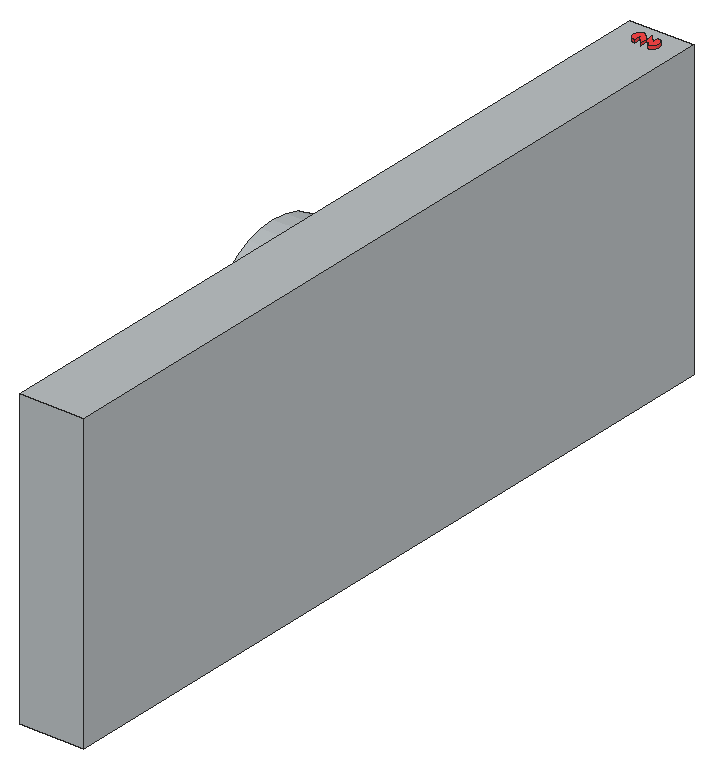
Revit family "NLRS_57_AIR_UN_plenum_linear-ceiling-grill-soooxx-standard_supply_LT_sacs", category Air Terminals, Revit 2021
Family settings
  Round Connector Dimension = Use Diameter
  Part Type = Normal
  Work Plane-Based = No
  Always vertical = Yes
  Cut with Voids When Loaded = No
  Shared = No
  Room Calculation Point = Yes
Parameters (values of type "600")
  URL = "https://solid-air.nl/producten/solid-air-lijnrooster-stad-stbd-srod/"
  Type Comments = "Standard plenums for Line grill ST"  # constant formula
  Swap_Arrows [instance] = no
  Slots (1-4) [instance] = 1
  SACS_West_Arrow [instance] = and(or([Pattern (0-2)] > 1, and([Pattern (0-2)] < 1, not(Swap_Arrows)), and([Pattern (0-2)] = 1, Swap_Arrows)), SACS_Show_Arrows)  # yes
  SACS_Type_Mark [instance] = ""
  SACS_Show_Symbol [instance] = yes
  SACS_Show_Arrows [instance] = yes
  SACS_Plenum_Offset [instance] = if(SACS_Index3 = 2 mm, 10 mm, 17.6 mm)  # 17.6 mm
  SACS_Plenum_L [instance] = NLRS_C_lengte - 12 mm  # 588 mm
  SACS_Plenum_H [instance] = 95 mm + NLRS_M_c01_diameter + 25 mm  # 245 mm
  SACS_Plenum_B [instance] = if(SACS_Index3 = 2 mm, 63 mm, 48.8 mm) + (SACS_Index1 - 1 mm) * 43.3  # 48.8 mm
  SACS_Option_4 [instance] = if([Slots (1-4)] < 2, "Single slot", if([Slots (1-4)] = 2, "2 slots", if([Slots (1-4)] = 3, "3 slots", "4 slots")))  # "Single slot"
  SACS_Option_3_Value [instance] = if([Brackets (0-2)] = 1, 2, if([Brackets (0-2)] > 1, 3, 5))  # 5
  SACS_Option_3 [instance] = if([Brackets (0-2)] = 1, "B = Plenum bracket B", if([Brackets (0-2)] > 1, "C = Plenum bracket C", "O = None"))  # "O = None"
  SACS_Option_2 [instance] = if([Plenum_Type (1-2)] < 2, "R = Lined", "U = Plain")  # "R = Lined"
  SACS_Option_1 [instance] = "SOOO"  # constant formula
  SACS_Offset1 [instance] = 99.5 mm + (SACS_Diameter / 2)  # 161 mm
  SACS_Model [instance] = size_lookup(SACS_Data_Hidden, "Model", "NB", NLRS_C_lengte, SACS_Index1, SACS_Index2, SACS_Index3)  # "SOOORO 600-1"
  SACS_Index3 [instance] = if([Brackets (0-2)] < 1, 4, if([Brackets (0-2)] = 1, 1, 2)) * 1 mm  # 4 mm
  SACS_Index2 [instance] = if([Plenum_Type (1-2)] < 2, 1 mm, 2 mm)  # 1 mm
  SACS_Index1 [instance] = if([Slots (1-4)] < 2, 1 mm, if([Slots (1-4)] = 2, 2 mm, if([Slots (1-4)] = 3, 3 mm, 4 mm)))  # 1 mm
  SACS_Flow_Pattern [instance] = "Left + Right"
  SACS_Face_Color [instance] = NLRS_57_anodised aluminium_RAL9010_gen_sacs
  SACS_East_Arrow [instance] = and(or([Pattern (0-2)] > 1, and([Pattern (0-2)] = 1, not(Swap_Arrows)), and([Pattern (0-2)] < 1, Swap_Arrows)), SACS_Show_Arrows)  # yes
  SACS_Dummy = 1  # constant formula
  SACS_Diameter [instance] = NLRS_M_c01_diameter - 2 mm  # 123 mm
  SACS_Data_Hidden = "SOOOxx"  # constant formula
  SACS_Color [instance] = "RAL9010"
  SACS_Base_Index = 1
  SACS_Article_Code [instance] = size_lookup(SACS_Data_Hidden, "ArticleCode", "NB", NLRS_C_lengte, SACS_Index1, SACS_Index2, SACS_Index3)  # "8101000175"
  SACS_Array_End [instance] = SACS_Array_Base * SACS_Array_Count * 2  # 400 mm
  SACS_Array_Count [instance] = if(NLRS_C_lengte > 1200 mm, 3, 2)  # 2
  SACS_Array_Base [instance] = NLRS_C_lengte / (SACS_Array_Count + 1) / 2  # 100 mm
  SA-Select [instance] = "https://selectietool.solid-air.nl/Dashboard/CPMDashPage/Show/7"
  Plenum_Type (1-2) [instance] = 1
  Plenum_Material = NLRS_57_sendzimir verzinkt_gen_sacs
  Pattern (0-2) [instance] = 2
  NLRS_M_c01_drukverlies_statisch [instance] = 0.0 Pa
  NLRS_M_c01_diameter [instance] = size_lookup(SACS_Data_Hidden, "Diam", 125 mm, NLRS_C_lengte, SACS_Index1, SACS_Index2, SACS_Index3)  # 125 mm
  NLRS_M_c01_debiet [instance] = 0.0 L/s
  NLRS_C_model [instance] = SACS_Model  # "SOOORO 600-1"
  NLRS_C_materiaal_kleur [instance] = SACS_Color  # "RAL9010"
  NLRS_C_lengte [instance] = if(SACS_Base_Index = 1, 600 mm, if(SACS_Base_Index = 2, 750 mm, if(SACS_Base_Index = 3, 900 mm, if(SACS_Base_Index = 4, 1200 mm, if(SACS_Base_Index = 5, 1500 mm, 1800 mm)))))  # 600 mm
  NLRS_C_hoogte [instance] = SACS_Plenum_H * SACS_Dummy  # 245 mm
  NLRS_C_gtin_code [instance] = size_lookup(SACS_Data_Hidden, "GTIN", "NB", NLRS_C_lengte, SACS_Index1, SACS_Index2, SACS_Index3)  # "NB"
  NLRS_C_description = Description  # "Solid Air plenum for line Diffuser"
  NLRS_C_content_versie = "2.22.00"  # constant formula
  NLRS_C_content_provider = "Solid Air Climate Solutions"  # constant formula
  NLRS_C_content_datum_gewijzigd = "21-02-2024"  # constant formula
  NLRS_C_content_creator = "J.Feeke"  # constant formula
  NLRS_C_breedte [instance] = if([Brackets (0-2)] > 2, 65 mm, 52 mm) + (SACS_Index1 - 1 mm) * 43.3  # 52 mm
  Model = "Standard plenums for ST"  # constant formula
  Min Flow = 0.0 L/s
  Max Flow = 0.0 L/s
  Manufacturer = "Solid Air Climate Solutions"  # constant formula
  Description = "Solid Air plenum for line Diffuser"  # constant formula
  Default Elevation = 2700 mm
  Brackets (0-2) [instance] = 0
  Assembly Code = "57.00"
Types (7, lengths in mm): name | SACS_Plenum_L | SACS_Plenum_H | SACS_Option_3_Value | SACS_Option_3 | SACS_Offset1 | SACS_Model | SACS_Index3 | SACS_Diameter | SACS_Base_Index | SACS_Article_Code | SACS_Array_End | SACS_Array_Count | SACS_Array_Base | NLRS_M_c01_diameter | NLRS_C_model | NLRS_C_lengte | NLRS_C_hoogte | Brackets (0-2)
  (no name) | 588 | 245 | 5 | "O = None" | 161 | "SOOORO 600-1" | 4 | 123 | 1 | "8101000175" | 400 | 2 | 100 | 125 | "SOOORO 600-1" | 600 | 245 | 0
  600 | 588 | 245 | 5 | "O = None" | 161 | "SOOORO 600-1" | 4 | 123 | 1 | "8101000175" | 400 | 2 | 100 | 125 | "SOOORO 600-1" | 600 | 245 | 0
  750 | 738 | 245 | 2 | "B = Plenum bracket B" | 161 | "SOOORB 750-1" | 1 | 123 | 2 | "NB" | 500 | 2 | 125 | 125 | "SOOORB 750-1" | 750 | 245 | 1
  900 | 888 | 245 | 2 | "B = Plenum bracket B" | 161 | "SOOORB 900-1" | 1 | 123 | 3 | "8101001965" | 600 | 2 | 150 | 125 | "SOOORB 900-1" | 900 | 245 | 1
  1200 | 1188 | 280 | 2 | "B = Plenum bracket B" | 178.5 | "SOOORB 1200-1" | 1 | 158 | 4 | "NB" | 800 | 2 | 200 | 160 | "SOOORB 1200-1" | 1200 | 280 | 1
  1500 | 1488 | 280 | 2 | "B = Plenum bracket B" | 178.5 | "SOOORB 1500-1" | 1 | 158 | 5 | "NB" | 1125 | 3 | 187.5 | 160 | "SOOORB 1500-1" | 1500 | 280 | 1
  1800 | 1788 | 320 | 2 | "B = Plenum bracket B" | 198.5 | "SOOORB 1800-1" | 1 | 198 | 6 | "NB" | 1350 | 3 | 225 | 200 | "SOOORB 1800-1" | 1800 | 320 | 1
Reference planes
  plane 1 "Center (Front/Back)": y = 0
  plane 2: z = 0
  plane 3 "Center (Left/Right)": x = 0
  plane 4: y = 300
  plane 5: y = -300
  plane 6: y = 294
  plane 7: y = -294
  plane 8: x = -24.4
  plane 9: x = 24.4
  plane 10: x = -26
  plane 11: x = 26
  plane 12: x = -76
  plane 13: x = 76
  plane 14: z = 17.6
  plane 15: z = 161
  plane 16 "Top": z = 245
  plane 17: y = -200
  plane 18: y = 200
Forms (mm)
  Extrusion 1, solid, material "NLRS_57_sendzimir verzinkt_gen_sacs" <- "Plenum_Material", detail levels medium+fine
    sketch origin (0, 0, 0) x (1, 0, 0) y (0, 0, 1)
      loop
        line (-24.4, 245) -> (-24.4, 17.6) -> (24.4, 17.6) -> (24.4, 245) -> (-24.4, 245)
    from -294 to 294
  Extrusion 2, solid, material "NLRS_57_sendzimir verzinkt_gen_sacs" <- "Plenum_Material", detail levels medium+fine
    sketch origin (0, 0, 0) x (0, 1, 0) y (0, 0, 1)
      loop
        circle (0, 161) r 61.5
    from -64.4 to -24.4
Lines and regions (mm)
  model lines, visible <- "SACS_Show_Symbol", detail levels coarse
    curve 1: line (-26, 300, 0) -> (26, 300, 0)
    curve 2: line (-26, -300, 0) -> (-26, 300, 0)
    curve 3: line (26, -300, 0) -> (-26, -300, 0)
    curve 4: line (26, 300, 0) -> (26, -300, 0)
    curve 5: line (-26, 300, 0) -> (26, -300, 0)
    curve 6: line (-26, -300, 0) -> (26, 300, 0)
Dimensions and locks
  equal spacing: plane 5, plane 1 "Center (Front/Back)", plane 4
  "NLRS_C_lengte": plane 5 to plane 4
  equal spacing: plane 6, plane 1 "Center (Front/Back)", plane 7
  "SACS_Plenum_L": plane 6 to plane 7
  equal spacing: plane 10, plane 3 "Center (Left/Right)", plane 11
  "NLRS_C_breedte": plane 10 to plane 11
  "SACS_Plenum_B": plane 8 to plane 9
  equal spacing: plane 8, plane 3 "Center (Left/Right)", plane 9
  locked: plane 12 to plane 10 at 50
  locked: plane 11 to plane 13 at 50
  "SACS_Plenum_Offset": plane 14 to plane 2
  "SACS_Plenum_H": plane 16 "Top" to plane 2
  "SACS_Offset1": plane 15 to plane 2
  locked: Extrusion 2 to plane 8 at 40
  "SACS_Array_Base": plane 5 to plane 17
  "SACS_Array_End": plane 18 to plane 17
  group 1 to group 2 = 0 mm  (x2)
  group 1 to group 2 = 400 mm
  group 3 to group 4 = 0 mm  (x2)
  group 3 to group 4 = 400 mm
  group 5 to group 6 = 0 mm  (x2)
  group 5 to group 6 = 400 mm
  locked: plane 6 to nested 7 at 15
  "SACS_Diameter": diameter of Extrusion 2 sketch curve
  aligned and locked: level to plane 2
  aligned and locked: plane 8 to Extrusion 1 sketch curve
  aligned and locked: Extrusion 1 sketch curve to plane 9
  aligned and locked: plane 14 to Extrusion 1 sketch curve
  aligned and locked: Extrusion 1 sketch curve to plane 16 "Top"
  aligned and locked: plane 6 to Extrusion 1
  aligned and locked: Extrusion 1 to plane 7
  aligned and locked: plane 15 to Extrusion 2 sketch curve
  aligned and locked: plane 1 "Center (Front/Back)" to Extrusion 2 sketch curve
  aligned and locked: plane 8 to Extrusion 2
  aligned and locked: plane 17 to nested 2
  aligned and locked: nested 1 to plane 17
  aligned and locked: plane 13 to nested 1
  aligned and locked: nested 2 to plane 12
  aligned and locked: nested 3 to plane 12  (x2)
  aligned and locked: plane 18 to nested 3  (x2)
  aligned and locked: plane 13 to nested 4  (x2)
  aligned and locked: curve 2 to plane 10
  aligned and locked: plane 4 to curve 1
  aligned and locked: curve 3 to plane 5
  aligned and locked: plane 11 to curve 4
  aligned and locked: plane 3 "Center (Left/Right)" to nested 5
  aligned and locked: nested 5 to plane 17
  aligned and locked: nested 6 to plane 18
  aligned and locked: plane 3 "Center (Left/Right)" to nested 7
  aligned and locked: nested 4 to plane 18
Nested families
  nested 1: "Arrow" at (76, -200, 0), visible <- "SACS_East_Arrow", type "Arrow"
  nested 2: "Arrow" at (-76, -200, 0) x (-1, 0, 0) z (0, 0, 1), visible <- "SACS_West_Arrow", type "Arrow"
  nested 3: "Arrow" at (-76, 200, 0) x (-1, 0, 0) z (0, 0, 1), visible <- "SACS_West_Arrow", type "Arrow"
  nested 4: "Arrow" at (76, 200, 0), visible <- "SACS_East_Arrow", type "Arrow"
  nested 5: "bracket" at (0, -200, -4.5), type "bracket"
    with Type_A no, Bracket 5
  nested 6: "bracket" at (0, 200, -4.5), type "bracket"
    with Type_A no, Bracket 5
  nested 7: "logo_SACS" at (0, 279, 245), type "logo_SACS"
    with t 5 mm
Connectors
  hvac at (-24.4, 0, 161), driven by "NLRS_M_c01_diameter", driven by "NLRS_M_c01_debiet", driven by "NLRS_M_c01_drukverlies_statisch"
    settings: on Extrusion 2, index 1, duct flow 0.0 L/s, flow factor 0, pres drop 0.0 Pa, loss coef 0, conn angle 0.00°, conn width 304.8 mm, conn height 304.8 mm, conn diameter 125 mm, duct sys type 1, conn prof type 0, flow config 1, flow direction 1, loss method 4, conn ref index -1, conn util no, is conn primary yes, conn desc ""
Definition of nested family "logo_SACS"
  Parameters (values of type "logo_SACS")
    t = 2 mm
    Model = "LOD 400"
    Description = "Model type"
    Default Elevation = 1219.2 mm
  Reference planes
    plane 1 "Center (Front/Back)": y = 0
    plane 2: z = 0
    plane 3 "Center (Left/Right)": x = 0
    plane 4: z = 2
    plane 5: x = -4
    plane 6: y = -2
    plane 7: y = 2
    plane 8: x = -2
    plane 9: x = 2
    plane 10: x = 4
  Forms (mm)
    Extrusion 1, solid
      sketch origin (-547.644, -297.937, 0) x (1, 0, 0) y (0, 1, 0)
        loop
          arc (545.644, 299.937) -> (543.644, 297.937) -> (545.644, 295.937) r 2
          line (545.644, 295.937) -> (545.644, 297.937) -> (547.644, 295.937) -> (547.644, 297.937) -> (545.644, 299.937)
      from 0 to 2
    Extrusion 2, solid
      sketch origin (0, 0, 0) x (1, 0, 0) y (0, 1, 0)
        loop
          arc (2, -2) -> (4, 0) -> (2, 2) r 2
          line (2, 2) -> (2, 0) -> (0, 2) -> (0, 0) -> (2, -2)
      from 0 to 2
  Dimensions and locks
    "t": plane 7 to plane 1 "Center (Front/Back)"
    "t": plane 6 to plane 1 "Center (Front/Back)"
    "t": plane 5 to plane 8
    "t": plane 8 to plane 3 "Center (Left/Right)"
    "t": plane 3 "Center (Left/Right)" to plane 9
    "t": plane 9 to plane 10
    aligned and locked: level to plane 2
    aligned and locked: plane 4 to Extrusion 1
  Automatic sketch dimensions
    plane 1 "Center (Front/Back)" to Extrusion 1 sketch curve = 0 mm  (x3)
    Extrusion 1 sketch curve to plane 8 = 0 mm
    Extrusion 1 sketch curve to plane 7 = 0 mm
    Extrusion 1 sketch curve to plane 3 "Center (Left/Right)" = 0 mm
    Extrusion 1 sketch curve to plane 6 = 0 mm
    Extrusion 2 sketch curve to plane 3 "Center (Left/Right)" = 0 mm
    plane 1 "Center (Front/Back)" to Extrusion 2 sketch curve = 0 mm  (x3)
    Extrusion 2 sketch curve to plane 6 = 0 mm
    Extrusion 2 sketch curve to plane 9 = 0 mm
    Extrusion 2 sketch curve to plane 7 = 0 mm
Definition of nested family "Arrow"
  Parameters (values of type "Arrow")
    Offset = 400 mm
    Arrow_Length = 175 mm  # constant formula
  Reference planes
    plane 1 "Center (Front/Back)": y = 0
    plane 2: z = 0
    plane 3 "Center (Left/Right)": x = 0
    plane 4: x = 175
    plane 5: y = 0
    plane 6: x = 175
    plane 7: x = 0
    plane 8: y = 0
  Lines and regions (mm)
    Filled region 1, type "Solid Fill - Black", in view "Ref. Level"
      outline origin (0, 0, 0) x (0, -1, 0) y (1, 0, 0)
        loop
          line (0, 175) -> (-21.131, 129.685) -> (21.131, 129.685) -> (0, 175)
    detail lines, in view "Ref. Level"
      curve 1: line (0, 0, 0) -> (152.343, 0, 0)
  Dimensions and locks
    locked: plane 3 "Center (Left/Right)" to plane 7
    locked: plane 8 to plane 1 "Center (Front/Back)" at 0
    locked: Filled region 1 sketch curve to Filled region 1 sketch curve at 50  (x2)
    "Arrow_Length": plane 3 "Center (Left/Right)" to plane 6
    locked: Filled region 1 sketch curve to curve 1 (angle 25.00°)
    locked: curve 1 to Filled region 1 sketch curve (angle 25.00°)
  Automatic sketch dimensions
    plane 1 "Center (Front/Back)" to Filled region 1 sketch curve = 0 mm
    Filled region 1 sketch curve to plane 4 = 45.315 mm
    plane 1 "Center (Front/Back)" to curve 1 = 0 mm
    curve 1 to plane 3 "Center (Left/Right)" = 0 mm
    curve 1 to plane 4 = 22.657 mm
Definition of nested family "bracket"
  Parameters (values of type "bracket")
    slots = 1
    count = if(slots < 1, 0, (slots - 1)) * Dummy  # 0
    Type_D = Bracket = 4  # no
    Type_CD = or(Type_C, Type_D)  # no
    Type_C = Bracket = 3  # no
    Type_B = Bracket = 2  # no
    Type_A = Bracket = 1  # yes
    Material = none
    Dummy = 1  # constant formula
    Diameter = 125 mm
    Default Elevation = 0 mm
    Ceiling = 5 mm
    Bracket = 1
  Reference planes
    plane 1 "Center (Front/Back)": y = 0
    plane 2: z = 0
    plane 3 "Center (Left/Right)": x = 0
    plane 4: y = 7.5
    plane 5: y = -7.5
  Forms (mm)
    Sweep 1, solid, material <- "Material", visible <- "Type_A", detail levels medium+fine
      path in 3D
        loop
          line (0, 7.5, 32.8) -> (0, -7.5, 32.8)
      profile "Profile_A : Profile_A" origin (0, 0, 32.8) x (0, 0, -1) y (1, 0, 0)
        loop
          line (-17.25, 44.75) -> (-19.25, 44.75) -> (-19.25, 26.85) -> (16.42, 26.85) -> (18.67, 24.6) -> (12.3, 24.6) -> (12.3, 22.6) -> (28.25, 22.6) -> (28.25, 24.6) -> (21.5, 24.6) -> (17.25, 28.85) -> (-17.25, 28.85) -> (-17.25, 44.75)
        loop
          line (-17.25, -44.75) -> (-17.25, -28.85) -> (17.25, -28.85) -> (21.5, -24.6) -> (28.25, -24.6) -> (28.25, -22.6) -> (12.3, -22.6) -> (12.3, -24.6) -> (18.67, -24.6) -> (16.42, -26.85) -> (-19.25, -26.85) -> (-19.25, -44.75) -> (-17.25, -44.75)
    Sweep 2, solid, material <- "Material", visible <- "Type_B", detail levels medium+fine
      path in 3D
        loop
          line (0, 7.5, 32.8) -> (0, -7.5, 32.8)
      profile "Profile_B : Profile_B" origin (0, 0, 32.8) x (0, 0, -1) y (1, 0, 0)
        loop
          line (-216.75, 56.4) -> (-216.75, 24.4) -> (-184.75, 24.4) -> (-184.75, 26.4) -> (-214.75, 26.4) -> (-214.75, 56.4) -> (-216.75, 56.4)
        loop
          line (-216.75, -56.4) -> (-214.75, -56.4) -> (-214.75, -26.4) -> (-184.75, -26.4) -> (-184.75, -24.4) -> (-216.75, -24.4) -> (-216.75, -56.4)
    Sweep 3, solid, material <- "Material", visible <- "Type_CD", detail levels medium+fine
      path in 3D
        loop
          line (0, 7.5, 32.8) -> (0, -7.5, 32.8)
      profile "Profile_CD : Profile_CD" origin (0, 0, 32.8) x (0, 0, -1) y (1, 0, 0)
        loop
          line (-40.7, 25) -> (-40.7, -25) -> (18.3, -30.5) -> (18.3, -28.5) -> (-38.7, -23.55) -> (-38.7, 23.55) -> (18.3, 28.5) -> (18.3, 30.5) -> (-40.7, 25)
        loop
          arc (-25, -8.5) -> (-24.298, -10.428) -> (-22.521, -11.454) r 3
          line (-22.521, -11.454) -> (-2.826, -14.925)
          arc (-2.826, -14.925) -> (-2.234, -15.267) -> (-2, -15.91) r 1
          line (-2, -15.91) -> (-2, -20.5) -> (0, -20.5) -> (0, -15.91)
          arc (0, -15.91) -> (-0.702, -13.982) -> (-2.479, -12.956) r 3
          line (-2.479, -12.956) -> (-22.174, -9.485)
          arc (-22.174, -9.485) -> (-22.766, -9.143) -> (-23, -8.5) r 1
          line (-23, -8.5) -> (-23, 8.5)
          arc (-23, 8.5) -> (-22.766, 9.143) -> (-22.174, 9.485) r 1
          line (-22.174, 9.485) -> (-2.479, 12.956)
          arc (-2.479, 12.956) -> (-0.702, 13.982) -> (0, 15.91) r 3
          line (0, 15.91) -> (0, 20.5) -> (-2, 20.5) -> (-2, 15.91)
          arc (-2, 15.91) -> (-2.234, 15.267) -> (-2.826, 14.925) r 1
          line (-2.826, 14.925) -> (-22.521, 11.454)
          arc (-22.521, 11.454) -> (-24.298, 10.428) -> (-25, 8.5) r 3
          line (-25, 8.5) -> (-25, -8.5)
    Extrusion 4, solid, not visible
      sketch origin (-547.644, -297.937, 0) x (1, 0, 0) y (0, 1, 0)
        loop
          arc (545.644, 299.937) -> (543.644, 297.937) -> (545.644, 295.937) r 2
          line (545.644, 295.937) -> (545.644, 297.937) -> (547.644, 295.937) -> (547.644, 297.937) -> (545.644, 299.937)
      from 0 to 2
    Extrusion 5, solid, not visible
      sketch origin (0, 0, 0) x (1, 0, 0) y (0, 1, 0)
        loop
          arc (2, -2) -> (4, 0) -> (2, 2) r 2
          line (2, 2) -> (2, 0) -> (0, 2) -> (0, 0) -> (2, -2)
      from 0 to 2
  Lines and regions (mm)
    model lines, not visible
      curve 1: line (0, 7.5, 32.8) -> (0, -7.5, 32.8)
    sketch lines
      curve 2: line (0, 7.5, 32.8) -> (0, -7.5, 32.8)
      curve 3: line (0, 7.5, 32.8) -> (0, -7.5, 32.8)
      curve 4: line (0, 7.5, 32.8) -> (0, -7.5, 32.8)
  Dimensions and locks
    equal spacing: plane 5, plane 1 "Center (Front/Back)", plane 4
    locked: plane 4 to plane 5 at 15
    locked: plane 2 to curve 1 at 32.8
    aligned and locked: level to plane 2
    aligned and locked: plane 5 to curve 1
    aligned and locked: plane 4 to curve 1
  Automatic sketch dimensions
    plane 1 "Center (Front/Back)" to Extrusion 4 sketch curve = 0 mm  (x3)
    Extrusion 4 sketch curve to plane 3 "Center (Left/Right)" = 0 mm
    Extrusion 4 sketch curve to plane 3 "Center (Left/Right)" = 2 mm
    Extrusion 4 sketch curve to Extrusion 4 sketch curve = 2 mm  (x2)
    plane 1 "Center (Front/Back)" to Extrusion 5 sketch curve = 0 mm  (x3)
    Extrusion 5 sketch curve to plane 3 "Center (Left/Right)" = 0 mm
    Extrusion 5 sketch curve to Extrusion 5 sketch curve = 2 mm  (x2)
    Extrusion 5 sketch curve to Extrusion 5 sketch curve = 0 mm
